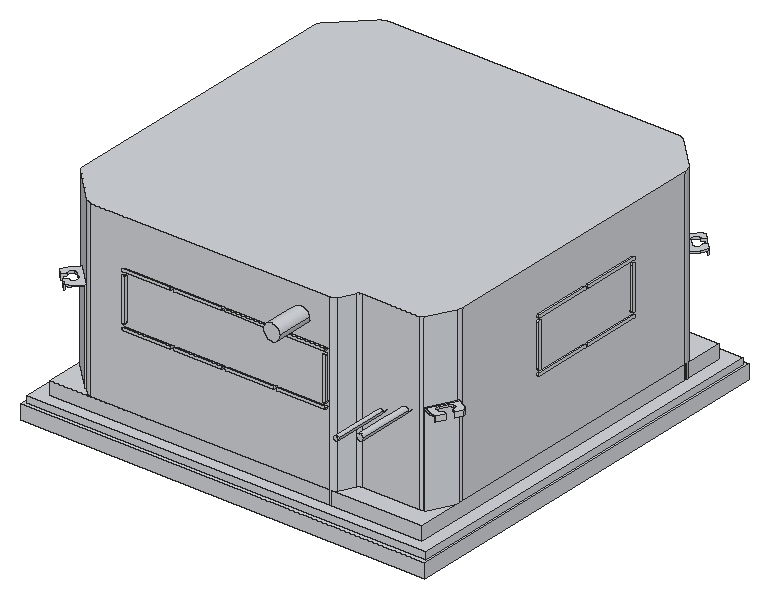
Revit family "GMV-ND（15-56）TE-T", category 机械设备, Revit 2014
Parameters (values of type "GMV-ND15T/E-T")
  Width [instance] = 570.00 mm
  Sound pressure level(H/M/L) dB(A) [instance] = "33/30/25"
  Power supply [instance] = "220-240V 1 phase ~50Hz/208-230V 1 phase ~60Hz"
  Net weight(kg) [instance] = "17.5"
  Minimum line current [instance] = 0.2 A
  Maximum fuse current [instance] = 6 A
  Liquid Pipe [instance] = 6.35 mm
  Length [instance] = 570.00 mm
  Height [instance] = 265.00 mm
  Heating power input [instance] = 30 W
  Heating current input [instance] = 0.15 A
  Heating capacity(kW) [instance] = "1.8"
  Gas Pipe [instance] = 9.52 mm
  External Static Pressure(Pa) [instance] = "0"
  Drain Pipe [instance] = 25.00 mm
  Cooling power input [instance] = 30 W
  Cooling current input [instance] = 0.15 A
  Cooling capacity(kW) [instance] = "1.5"
  Air Volume(H/M/L) m³/h [instance] = "460/420/370"
Types (9, lengths in mm): name | Sound pressure level(H/M/L) dB(A) | Minimum line current | Liquid Pipe | Heating power input | Heating current input | Heating capacity(kW) | Gas Pipe | Cooling power input | Cooling current input | Cooling capacity(kW) | Air Volume(H/M/L) m³/h
  (no name) | "33/30/25" | 0.2 A | 6.35 | 30 W | 0.15 A | "1.8" | 9.52 | 30 W | 0.15 A | "1.5" | "460/420/370"
  GMV-ND15T/E-T | "33/30/25" | 0.2 A | 6.35 | 30 W | 0.15 A | "1.8" | 9.52 | 30 W | 0.15 A | "1.5" | "460/420/370"
  GMV-ND18T/E-T | "33/30/25" | 0.2 A | 6.35 | 30 W | 0.15 A | "2.2" | 9.52 | 30 W | 0.15 A | "1.8" | "460/420/370"
  GMV-ND22T/E-T | "36/31/25" | 0.2 A | 6.35 | 30 W | 0.15 A | "2.5" | 9.52 | 30 W | 0.15 A | "2.2" | "500/460/370"
  GMV-ND28T/E-T | "36/33/28" | 0.2 A | 6.35 | 30 W | 0.15 A | "3.2" | 9.52 | 30 W | 0.15 A | "2.8" | "570/480/420"
  GMV-ND36T/E-T | "39/37/35" | 0.2 A | 6.35 | 30 W | 0.15 A | "4.0" | 12.70 | 30 W | 0.15 A | "3.6" | "620/550/480"
  GMV-ND45T/E-T | "43/41/39" | 0.3 A | 6.35 | 45 W | 0.23 A | "5.0" | 12.70 | 45 W | 0.23 A | "4.5" | "730/650/560"
  GMV-ND50T/E-T | "43/41/39" | 0.3 A | 6.35 | 45 W | 0.23 A | "5.6" | 12.70 | 45 W | 0.23 A | "5.0" | "730/650/560"
  GMV-ND56T/E-T | "43/41/39" | 0.3 A | 9.52 | 45 W | 0.23 A | "6.3" | 15.90 | 45 W | 0.23 A | "5.6" | "730/650/560"
Reference planes
  plane 1 "中心(前/后)": y = 0
  plane 2: z = 0
  plane 3 "中心(左/右)": x = 0
  plane 4: x = 410.185
  plane 5: z = 255.725
  plane 6: x = 508.163
  plane 7: z = 144.366
  plane 8: z = 159.034
  plane 9: x = 545.235
  plane 10: z = 171.3
  plane 11: y = 72.74
  plane 12: y = 547.678
  plane 13: y = 138.298
  plane 14: y = 143.248
  plane 15: y = 151.389
  plane 16: x = 71.961
  plane 17: x = 547.103
Forms (mm)
  Extrusion 1, solid
    sketch origin (0, 0, 0) x (1, 0, 0) y (0, 1, 0)
      loop
        line (0, 620) -> (0, 0) -> (620, 0) -> (620, 620) -> (0, 620)
    from 0 to -22.126
  Extrusion 2, solid
    sketch origin (0, 0, 0) x (1, 0, 0) y (0, 1, 0)
      loop
        line (25, 595) -> (25, 25) -> (595, 25) -> (595, 595) -> (25, 595)
    from 0 to 30
  Extrusion 3, solid
    sketch origin (0, 0, 0) x (1, 0, 0) y (0, 1, 0)
      loop
        line (88.783, 25) -> (454.667, 25)
        arc (454.667, 25) -> (459.231, 26.309) -> (462.408, 29.837) r 8.613
        line (462.408, 29.837) -> (472.898, 51.347)
        arc (472.898, 51.347) -> (475.698, 54.456) -> (479.72, 55.609) r 7.59
        line (479.72, 55.609) -> (568.047, 55.609)
        arc (568.047, 55.609) -> (570.623, 56.324) -> (572.462, 58.262) r 5
        line (572.462, 58.262) -> (593.176, 97.219)
        arc (593.176, 97.219) -> (594.537, 100.765) -> (595, 104.536) r 15.585
        line (595, 104.536) -> (595, 530.002)
        arc (595, 530.002) -> (593.478, 537.656) -> (589.142, 544.145) r 20
        line (589.142, 544.145) -> (542.68, 590.607)
        arc (542.68, 590.607) -> (537.814, 593.858) -> (532.073, 595) r 15
        line (532.073, 595) -> (90.368, 595)
        arc (90.368, 595) -> (82.714, 593.478) -> (76.226, 589.142) r 20
        line (76.226, 589.142) -> (27.929, 540.845)
        arc (27.929, 540.845) -> (25.761, 537.601) -> (25, 533.774) r 10
        line (25, 533.774) -> (25, 88.858)
        arc (25, 88.858) -> (26.021, 83.725) -> (28.928, 79.374) r 13.412
        line (28.928, 79.374) -> (79.427, 28.875)
        arc (79.427, 28.875) -> (83.72, 26.007) -> (88.783, 25) r 13.231
    from 0 to 295
  Extrusion 4, solid
    sketch origin (0, 0, 0) x (0, 1, 0) y (0, 0, 1)
      loop
        line (6.42, 9.925) -> (6.42, 0) -> (614.42, 0) -> (614.42, 9.925) -> (6.42, 9.925)
    from 4.421 to 616.167
  Extrusion 5, solid
    sketch origin (0, 0, 0) x (1, 0, 0) y (0, 0, 1)
      loop
        circle (410.185, 255.725) r 12.5
    from -181.125 to 30
  Extrusion 6, solid
    sketch origin (0, 0, 0) x (1, 0, 0) y (0, 0, 1)
      loop
        circle (508.163, 144.366) r 3.175
    from -101.834 to 30
  Extrusion 7, solid
    sketch origin (0, 0, 0) x (1, 0, 0) y (0, 0, 1)
      loop
        circle (545.235, 159.034) r 4.76
    from -87.195 to 30
  Extrusion 8, solid
    sketch origin (0, 0, 0) x (0, 1, 0) y (0, 0, 1)
      loop
        arc (246.627, 225) -> (244.614, 222.987) -> (246.627, 220.975) r 2.013
        line (246.627, 220.975) -> (332.627, 220.975)
        arc (332.627, 220.975) -> (334.64, 222.987) -> (332.627, 225) r 2.013
        line (332.627, 225) -> (246.627, 225)
      loop
        arc (340.627, 224.975) -> (338.627, 222.975) -> (340.627, 220.975) r 2
        line (340.627, 220.975) -> (426.627, 220.975)
        arc (426.627, 220.975) -> (428.627, 222.975) -> (426.627, 224.975) r 2
        line (426.627, 224.975) -> (340.627, 224.975)
      loop
        arc (246.627, 144.975) -> (244.627, 142.975) -> (246.627, 140.975) r 2
        line (246.627, 140.975) -> (332.627, 140.975)
        arc (332.627, 140.975) -> (334.627, 142.975) -> (332.627, 144.975) r 2
        line (332.627, 144.975) -> (246.627, 144.975)
      loop
        arc (340.627, 144.975) -> (338.627, 142.975) -> (340.627, 140.975) r 2
        line (340.627, 140.975) -> (426.627, 140.975)
        arc (426.627, 140.975) -> (428.627, 142.975) -> (426.627, 144.975) r 2
        line (426.627, 144.975) -> (340.627, 144.975)
      loop
        line (244.627, 214.975) -> (244.627, 150.975)
        arc (244.627, 150.975) -> (246.627, 148.975) -> (248.627, 150.975) r 2
        line (248.627, 150.975) -> (248.627, 214.975)
        arc (248.627, 214.975) -> (246.627, 216.975) -> (244.627, 214.975) r 2
      loop
        line (424.627, 214.975) -> (424.627, 150.975)
        arc (424.627, 150.975) -> (426.627, 148.975) -> (428.627, 150.975) r 2
        line (428.627, 150.975) -> (428.627, 214.975)
        arc (428.627, 214.975) -> (426.627, 216.975) -> (424.627, 214.975) r 2
    from 21.185 to 599.525
  Extrusion 9, solid
    sketch origin (-15, 0, 0) x (1, 0, 0) y (0, 0, 1)
      loop
        arc (155.586, 225.05) -> (153.586, 223.05) -> (155.586, 221.05) r 2
        line (155.586, 221.05) -> (226.586, 221.05)
        arc (226.586, 221.05) -> (228.586, 223.05) -> (226.586, 225.05) r 2
        line (226.586, 225.05) -> (155.586, 225.05)
      loop
        arc (234.586, 225.05) -> (232.586, 223.05) -> (234.586, 221.05) r 2
        line (234.586, 221.05) -> (305.586, 221.05)
        arc (305.586, 221.05) -> (307.586, 223.05) -> (305.586, 225.05) r 2
        line (305.586, 225.05) -> (234.586, 225.05)
      loop
        arc (313.648, 225.05) -> (311.648, 223.05) -> (313.648, 221.05) r 2
        line (313.648, 221.05) -> (384.648, 221.05)
        arc (384.648, 221.05) -> (386.648, 223.05) -> (384.648, 225.05) r 2
        line (384.648, 225.05) -> (313.648, 225.05)
      loop
        arc (392.411, 225.05) -> (390.411, 223.05) -> (392.411, 221.05) r 2
        line (392.411, 221.05) -> (463.411, 221.05)
        arc (463.411, 221.05) -> (465.411, 223.05) -> (463.411, 225.05) r 2
        line (463.411, 225.05) -> (392.411, 225.05)
      loop
        arc (155.586, 144.675) -> (153.586, 142.675) -> (155.586, 140.675) r 2
        line (155.586, 140.675) -> (226.586, 140.675)
        arc (226.586, 140.675) -> (228.586, 142.675) -> (226.586, 144.675) r 2
        line (226.586, 144.675) -> (155.586, 144.675)
      loop
        arc (234.586, 144.675) -> (232.586, 142.675) -> (234.586, 140.675) r 2
        line (234.586, 140.675) -> (305.586, 140.675)
        arc (305.586, 140.675) -> (307.586, 142.675) -> (305.586, 144.675) r 2
        line (305.586, 144.675) -> (234.586, 144.675)
      loop
        arc (313.648, 144.675) -> (311.648, 142.675) -> (313.648, 140.675) r 2
        line (313.648, 140.675) -> (384.648, 140.675)
        arc (384.648, 140.675) -> (386.648, 142.675) -> (384.648, 144.675) r 2
        line (384.648, 144.675) -> (313.648, 144.675)
      loop
        arc (392.411, 144.675) -> (390.411, 142.675) -> (392.411, 140.675) r 2
        line (392.411, 140.675) -> (463.411, 140.675)
        arc (463.411, 140.675) -> (465.411, 142.675) -> (463.411, 144.675) r 2
        line (463.411, 144.675) -> (392.411, 144.675)
      loop
        line (461.586, 215.05) -> (461.586, 151.05)
        arc (461.586, 151.05) -> (463.586, 149.05) -> (465.586, 151.05) r 2
        line (465.586, 151.05) -> (465.586, 215.05)
        arc (465.586, 215.05) -> (463.586, 217.05) -> (461.586, 215.05) r 2
      loop
        line (153.586, 215.05) -> (153.586, 151.05)
        arc (153.586, 151.05) -> (155.586, 149.05) -> (157.586, 151.05) r 2
        line (157.586, 151.05) -> (157.586, 215.05)
        arc (157.586, 215.05) -> (155.586, 217.05) -> (153.586, 215.05) r 2
    from -21.798 to -599.189
  Extrusion 10, solid
    sketch origin (0, 0, 0) x (1, 0, 0) y (0, 1, 0)
      loop
        line (551.539, 584.505) -> (550.161, 583.126) -> (581.98, 551.306) -> (583.359, 552.685) -> (551.539, 584.505)
      loop
        line (68.117, 583.791) -> (36.297, 551.971) -> (37.676, 550.592) -> (69.495, 582.412) -> (68.117, 583.791)
      loop
        line (37.981, 70.321) -> (36.602, 68.942) -> (68.422, 37.122) -> (69.801, 38.501) -> (37.981, 70.321)
      loop
        line (574.559, 56.661) -> (595, 96.779) -> (593.38, 97.604) -> (572.219, 57.853) -> (574.559, 56.661)
    from 9.925 to 171.3
  Extrusion 11, solid
    sketch origin (0, 0, 0) x (1, 0, 0) y (0, 1, 0)
      loop
        line (551.539, 584.505) -> (583.359, 552.685) -> (592.886, 562.211)
        spline (592.886, 562.211) -> (593.427, 563.006) -> (593.933, 563.79) -> (594.401, 564.563) -> (594.833, 565.326) -> (595.228, 566.078) -> (595.587, 566.819) -> (595.908, 567.549) -> (596.194, 568.268) -> (596.442, 568.977) -> (596.654, 569.675) -> (596.829, 570.362) -> (596.967, 571.039)
        line (596.967, 571.039) -> (587.673, 580.333) -> (584.137, 576.797)
        arc (584.137, 576.797) -> (584.137, 567.959) -> (575.298, 567.959) r 6.25
        line (575.298, 567.959) -> (566.813, 576.444)
        arc (566.813, 576.444) -> (566.813, 585.283) -> (575.652, 585.283) r 6.25
        line (575.652, 585.283) -> (579.187, 588.818) -> (569.801, 598.205)
        spline (569.801, 598.205) -> (569.259, 598.097) -> (568.699, 597.96) -> (568.12, 597.794) -> (567.521, 597.599) -> (566.902, 597.375) -> (566.265, 597.123) -> (565.608, 596.841) -> (564.932, 596.531) -> (564.237, 596.191) -> (563.522, 595.823) -> (562.788, 595.426) -> (562.035, 595)
        line (562.035, 595) -> (551.539, 584.505)
      loop
        line (68.117, 583.791) -> (57.621, 594.286)
        spline (57.621, 594.286) -> (56.868, 594.712) -> (56.134, 595.109) -> (55.419, 595.477) -> (54.724, 595.817) -> (54.048, 596.127) -> (53.391, 596.409) -> (52.754, 596.661) -> (52.135, 596.885) -> (51.536, 597.08) -> (50.957, 597.246) -> (50.396, 597.383) -> (49.855, 597.491)
        line (49.855, 597.491) -> (40.469, 588.104) -> (44.004, 584.569)
        arc (44.004, 584.569) -> (52.843, 584.569) -> (52.843, 575.73) r 6.25
        line (52.843, 575.73) -> (44.358, 567.244)
        arc (44.358, 567.244) -> (35.519, 567.244) -> (35.519, 576.083) r 6.25
        line (35.519, 576.083) -> (31.983, 579.619) -> (22.689, 570.324)
        spline (22.689, 570.324) -> (22.827, 569.648) -> (23.002, 568.961) -> (23.214, 568.263) -> (23.462, 567.554) -> (23.748, 566.835) -> (24.069, 566.104) -> (24.428, 565.363) -> (24.823, 564.612) -> (25.255, 563.849) -> (25.723, 563.076) -> (26.228, 562.292) -> (26.77, 561.497)
        line (26.77, 561.497) -> (36.297, 551.971) -> (68.117, 583.791)
      loop
        line (68.422, 37.122) -> (36.602, 68.942) -> (27.076, 59.416)
        spline (27.076, 59.416) -> (26.534, 58.621) -> (26.029, 57.837) -> (25.56, 57.064) -> (25.129, 56.302) -> (24.733, 55.55) -> (24.375, 54.809) -> (24.053, 54.079) -> (23.768, 53.359) -> (23.52, 52.65) -> (23.308, 51.952) -> (23.133, 51.265) -> (22.995, 50.589)
        line (22.995, 50.589) -> (32.289, 41.294) -> (35.825, 44.83)
        arc (35.825, 44.83) -> (35.825, 53.669) -> (44.663, 53.669) r 6.25
        line (44.663, 53.669) -> (53.149, 45.183)
        arc (53.149, 45.183) -> (53.149, 36.345) -> (44.31, 36.345) r 6.25
        line (44.31, 36.345) -> (40.774, 32.809) -> (50.161, 23.422)
        spline (50.161, 23.422) -> (50.702, 23.53) -> (51.263, 23.667) -> (51.842, 23.833) -> (52.441, 24.028) -> (53.059, 24.252) -> (53.697, 24.505) -> (54.354, 24.786) -> (55.03, 25.097) -> (55.725, 25.436) -> (56.44, 25.804) -> (57.174, 26.201) -> (57.927, 26.627)
        line (57.927, 26.627) -> (68.422, 37.122)
      loop
        line (595, 96.779) -> (574.908, 56.513) -> (586.963, 50.498)
        spline (586.963, 50.498) -> (587.889, 50.236) -> (588.792, 50.005) -> (589.674, 49.806) -> (590.534, 49.638) -> (591.373, 49.502) -> (592.189, 49.397) -> (592.983, 49.323) -> (593.756, 49.281) -> (594.507, 49.27) -> (595.236, 49.29) -> (595.943, 49.342) -> (596.629, 49.425)
        line (596.629, 49.425) -> (602.498, 61.187) -> (598.024, 63.419)
        arc (598.024, 63.419) -> (589.641, 60.617) -> (586.839, 69) r 6.25
        line (586.839, 69) -> (592.196, 79.738)
        arc (592.196, 79.738) -> (600.579, 82.539) -> (603.381, 74.156) r 6.25
        line (603.381, 74.156) -> (607.855, 71.924) -> (613.782, 83.802)
        spline (613.782, 83.802) -> (613.508, 84.281) -> (613.201, 84.769) -> (612.86, 85.266) -> (612.485, 85.773) -> (612.077, 86.288) -> (611.635, 86.813) -> (611.16, 87.346) -> (610.651, 87.889) -> (610.109, 88.441) -> (609.533, 89.002) -> (608.924, 89.572) -> (608.281, 90.152)
        line (608.281, 90.152) -> (595, 96.779)
    from 169.354 to 171.3
  Extrusion 12, solid
    sketch origin (0, 0, 0) x (1, 0, 0) y (0, 1, 0)
      loop
        line (569.801, 598.205) -> (579.187, 588.818) -> (580.566, 590.197) -> (571.681, 599.082) -> (569.801, 598.205)
      loop
        line (587.673, 580.333) -> (596.967, 571.039) -> (597.965, 572.798) -> (589.051, 581.712) -> (587.673, 580.333)
      loop
        line (48.003, 598.397) -> (39.09, 589.483) -> (40.469, 588.104) -> (49.855, 597.491) -> (48.003, 598.397)
      loop
        line (30.604, 580.998) -> (21.691, 572.084) -> (22.689, 570.324) -> (31.983, 579.619) -> (30.604, 580.998)
      loop
        line (22.995, 50.589) -> (21.985, 48.84) -> (30.91, 39.916) -> (32.289, 41.294) -> (22.995, 50.589)
      loop
        line (40.774, 32.809) -> (39.396, 31.43) -> (48.309, 22.517) -> (50.161, 23.422) -> (40.774, 32.809)
      loop
        line (613.782, 83.802) -> (607.855, 71.924) -> (609.15, 71.278) -> (614.65, 82.3) -> (613.782, 83.802)
      loop
        line (602.498, 61.187) -> (596.463, 49.093) -> (597.956, 49.093) -> (603.693, 60.59) -> (602.498, 61.187)
    from 163.3 to 171.3
  Extrusion 13, solid
    sketch origin (0, 0, 0) x (1, 0, 0) y (0, 1, 0)
      loop
        line (71.961, 547.678) -> (71.961, 72.74) -> (547.103, 72.74) -> (547.103, 547.678) -> (71.961, 547.678)
    from -28.372 to 0
  Extrusion 14, solid
    sketch origin (0, 0, 0) x (1, 0, 0) y (0, 1, 0)
      loop
        line (140, 143.248) -> (140, 138.298) -> (477.939, 138.298) -> (477.939, 143.248) -> (140, 143.248)
    from -34 to 0
  Extrusion 15, solid
    sketch origin (0, 13.091, 0) x (1, 0, 0) y (0, 1, 0)
      loop
        line (140, 143.248) -> (140, 138.298) -> (477.939, 138.298) -> (477.939, 143.248) -> (140, 143.248)
    from -34 to 0
  Extrusion 16, solid
    sketch origin (0, 26.183, 0) x (1, 0, 0) y (0, 1, 0)
      loop
        line (140, 143.248) -> (140, 138.298) -> (477.939, 138.298) -> (477.939, 143.248) -> (140, 143.248)
    from -34 to 0
  Extrusion 17, solid
    sketch origin (0, 39.274, 0) x (1, 0, 0) y (0, 1, 0)
      loop
        line (140, 143.248) -> (140, 138.298) -> (477.939, 138.298) -> (477.939, 143.248) -> (140, 143.248)
    from -34 to 0
  Extrusion 18, solid
    sketch origin (0, 52.366, 0) x (1, 0, 0) y (0, 1, 0)
      loop
        line (140, 143.248) -> (140, 138.298) -> (477.939, 138.298) -> (477.939, 143.248) -> (140, 143.248)
    from -34 to 0
  Extrusion 19, solid
    sketch origin (0, 65.457, 0) x (1, 0, 0) y (0, 1, 0)
      loop
        line (140, 143.248) -> (140, 138.298) -> (477.939, 138.298) -> (477.939, 143.248) -> (140, 143.248)
    from -34 to 0
  Extrusion 20, solid
    sketch origin (0, 78.549, 0) x (1, 0, 0) y (0, 1, 0)
      loop
        line (140, 143.248) -> (140, 138.298) -> (477.939, 138.298) -> (477.939, 143.248) -> (140, 143.248)
    from -34 to 0
  Extrusion 21, solid
    sketch origin (0, 91.64, 0) x (1, 0, 0) y (0, 1, 0)
      loop
        line (140, 143.248) -> (140, 138.298) -> (477.939, 138.298) -> (477.939, 143.248) -> (140, 143.248)
    from -34 to 0
  Extrusion 22, solid
    sketch origin (0, 104.732, 0) x (1, 0, 0) y (0, 1, 0)
      loop
        line (140, 143.248) -> (140, 138.298) -> (477.939, 138.298) -> (477.939, 143.248) -> (140, 143.248)
    from -34 to 0
  Extrusion 23, solid
    sketch origin (0, 117.823, 0) x (1, 0, 0) y (0, 1, 0)
      loop
        line (140, 143.248) -> (140, 138.298) -> (477.939, 138.298) -> (477.939, 143.248) -> (140, 143.248)
    from -34 to 0
  Extrusion 24, solid
    sketch origin (0, 130.915, 0) x (1, 0, 0) y (0, 1, 0)
      loop
        line (140, 143.248) -> (140, 138.298) -> (477.939, 138.298) -> (477.939, 143.248) -> (140, 143.248)
    from -34 to 0
  Extrusion 25, solid
    sketch origin (0, 144.006, 0) x (1, 0, 0) y (0, 1, 0)
      loop
        line (140, 143.248) -> (140, 138.298) -> (477.939, 138.298) -> (477.939, 143.248) -> (140, 143.248)
    from -34 to 0
  Extrusion 26, solid
    sketch origin (0, 157.098, 0) x (1, 0, 0) y (0, 1, 0)
      loop
        line (140, 143.248) -> (140, 138.298) -> (477.939, 138.298) -> (477.939, 143.248) -> (140, 143.248)
    from -34 to 0
  Extrusion 27, solid
    sketch origin (0, 170.189, 0) x (1, 0, 0) y (0, 1, 0)
      loop
        line (140, 143.248) -> (140, 138.298) -> (477.939, 138.298) -> (477.939, 143.248) -> (140, 143.248)
    from -34 to 0
  Extrusion 28, solid
    sketch origin (0, 183.281, 0) x (1, 0, 0) y (0, 1, 0)
      loop
        line (140, 143.248) -> (140, 138.298) -> (477.939, 138.298) -> (477.939, 143.248) -> (140, 143.248)
    from -34 to 0
  Extrusion 29, solid
    sketch origin (0, 196.372, 0) x (1, 0, 0) y (0, 1, 0)
      loop
        line (140, 143.248) -> (140, 138.298) -> (477.939, 138.298) -> (477.939, 143.248) -> (140, 143.248)
    from -34 to 0
  Extrusion 30, solid
    sketch origin (0, 209.464, 0) x (1, 0, 0) y (0, 1, 0)
      loop
        line (140, 143.248) -> (140, 138.298) -> (477.939, 138.298) -> (477.939, 143.248) -> (140, 143.248)
    from -34 to 0
  Extrusion 31, solid
    sketch origin (0, 222.555, 0) x (1, 0, 0) y (0, 1, 0)
      loop
        line (140, 143.248) -> (140, 138.298) -> (477.939, 138.298) -> (477.939, 143.248) -> (140, 143.248)
    from -34 to 0
  Extrusion 32, solid
    sketch origin (0, 235.647, 0) x (1, 0, 0) y (0, 1, 0)
      loop
        line (140, 143.248) -> (140, 138.298) -> (477.939, 138.298) -> (477.939, 143.248) -> (140, 143.248)
    from -34 to 0
  Extrusion 33, solid
    sketch origin (0, 248.738, 0) x (1, 0, 0) y (0, 1, 0)
      loop
        line (140, 143.248) -> (140, 138.298) -> (477.939, 138.298) -> (477.939, 143.248) -> (140, 143.248)
    from -34 to 0
  Extrusion 34, solid
    sketch origin (0, 261.83, 0) x (1, 0, 0) y (0, 1, 0)
      loop
        line (140, 143.248) -> (140, 138.298) -> (477.939, 138.298) -> (477.939, 143.248) -> (140, 143.248)
    from -34 to 0
  Extrusion 35, solid
    sketch origin (0, 274.921, 0) x (1, 0, 0) y (0, 1, 0)
      loop
        line (140, 143.248) -> (140, 138.298) -> (477.939, 138.298) -> (477.939, 143.248) -> (140, 143.248)
    from -34 to 0
  Extrusion 36, solid
    sketch origin (0, 288.013, 0) x (1, 0, 0) y (0, 1, 0)
      loop
        line (140, 143.248) -> (140, 138.298) -> (477.939, 138.298) -> (477.939, 143.248) -> (140, 143.248)
    from -34 to 0
  Extrusion 37, solid
    sketch origin (0, 301.104, 0) x (1, 0, 0) y (0, 1, 0)
      loop
        line (140, 143.248) -> (140, 138.298) -> (477.939, 138.298) -> (477.939, 143.248) -> (140, 143.248)
    from -34 to 0
  Extrusion 38, solid
    sketch origin (0, 314.196, 0) x (1, 0, 0) y (0, 1, 0)
      loop
        line (140, 143.248) -> (140, 138.298) -> (477.939, 138.298) -> (477.939, 143.248) -> (140, 143.248)
    from -34 to 0
  Extrusion 39, solid
    sketch origin (0, 327.287, 0) x (1, 0, 0) y (0, 1, 0)
      loop
        line (140, 143.248) -> (140, 138.298) -> (477.939, 138.298) -> (477.939, 143.248) -> (140, 143.248)
    from -34 to 0
  Extrusion 40, solid
    sketch origin (0, 340.379, 0) x (1, 0, 0) y (0, 1, 0)
      loop
        line (140, 143.248) -> (140, 138.298) -> (477.939, 138.298) -> (477.939, 143.248) -> (140, 143.248)
    from -34 to 0
  Extrusion 41, solid
    sketch origin (0, 0, 0) x (1, 0, 0) y (0, 1, 0)
      loop
        line (152.119, 491.775) -> (152.119, 128.844) -> (157.119, 128.844) -> (157.119, 491.775) -> (152.119, 491.775)
    from -34.002 to 0
  Extrusion 42, solid
    sketch origin (77.5, 0, 0) x (1, 0, 0) y (0, 1, 0)
      loop
        line (152.119, 491.775) -> (152.119, 128.844) -> (157.119, 128.844) -> (157.119, 491.775) -> (152.119, 491.775)
    from -34.002 to 0
  Extrusion 43, solid
    sketch origin (155, 0, 0) x (1, 0, 0) y (0, 1, 0)
      loop
        line (152.119, 491.775) -> (152.119, 128.844) -> (157.119, 128.844) -> (157.119, 491.775) -> (152.119, 491.775)
    from -34.002 to 0
  Extrusion 44, solid
    sketch origin (232.5, 0, 0) x (1, 0, 0) y (0, 1, 0)
      loop
        line (152.119, 491.775) -> (152.119, 128.844) -> (157.119, 128.844) -> (157.119, 491.775) -> (152.119, 491.775)
    from -34.002 to 0
  Extrusion 45, solid
    sketch origin (310, 0, 0) x (1, 0, 0) y (0, 1, 0)
      loop
        line (152.119, 491.775) -> (152.119, 128.844) -> (157.119, 128.844) -> (157.119, 491.775) -> (152.119, 491.775)
    from -34.002 to 0
  Extrusion 46, void
    sketch origin (0, 0, 0) x (1, 0, 0) y (0, 1, 0)
      loop
        arc (91.961, 122.74) -> (100.747, 101.527) -> (121.961, 92.74) r 30
        line (121.961, 92.74) -> (156.961, 92.74) -> (156.961, 112.74) -> (121.961, 112.74)
        arc (121.961, 112.74) -> (114.89, 115.669) -> (111.961, 122.74) r 10
        line (111.961, 122.74) -> (111.961, 151.389) -> (91.961, 151.389) -> (91.961, 122.74)
      loop
        arc (121.961, 527.678) -> (100.747, 518.891) -> (91.961, 497.678) r 30
        line (91.961, 497.678) -> (91.961, 470.535) -> (111.961, 470.535) -> (111.961, 497.678)
        arc (111.961, 497.678) -> (114.89, 504.749) -> (121.961, 507.678) r 10
        line (121.961, 507.678) -> (156.961, 507.678) -> (156.961, 527.678) -> (121.961, 527.678)
      loop
        arc (527.103, 497.678) -> (518.316, 518.891) -> (497.103, 527.678) r 30
        line (497.103, 527.678) -> (462.103, 527.678) -> (462.103, 507.678) -> (497.103, 507.678)
        arc (497.103, 507.678) -> (504.174, 504.749) -> (507.103, 497.678) r 10
        line (507.103, 497.678) -> (507.103, 470.535) -> (527.103, 470.535) -> (527.103, 497.678)
      loop
        arc (497.103, 92.74) -> (518.316, 101.527) -> (527.103, 122.74) r 30
        line (527.103, 122.74) -> (527.103, 151.389) -> (507.103, 151.389) -> (507.103, 122.74)
        arc (507.103, 122.74) -> (504.174, 115.669) -> (497.103, 112.74) r 10
        line (497.103, 112.74) -> (462.103, 112.74) -> (462.103, 92.74) -> (497.103, 92.74)
      loop
        line (176.961, 527.678) -> (176.961, 507.678) -> (442.103, 507.678) -> (442.103, 527.678) -> (176.961, 527.678)
      loop
        line (507.103, 450.535) -> (507.103, 171.389) -> (527.103, 171.389) -> (527.103, 450.535) -> (507.103, 450.535)
      loop
        line (91.961, 450.535) -> (91.961, 171.389) -> (111.961, 171.389) -> (111.961, 450.535) -> (91.961, 450.535)
      loop
        line (442.103, 112.74) -> (176.961, 112.74) -> (176.961, 92.74) -> (442.103, 92.74) -> (442.103, 112.74)
    from -28.372 to -12.111
Cuts and joins
  joined: Extrusion 10, Extrusion 11, Extrusion 12
  Extrusion 46 cuts Extrusion 1
  Extrusion 46 cuts Extrusion 2
  Extrusion 46 cuts Extrusion 3
  Extrusion 46 cuts Extrusion 4
  Extrusion 46 cuts Extrusion 13
Lines and regions (mm)
  reference lines
    curve 1: line (310, 0, 0) -> (310, 310, 0)
    curve 2: line (547.103, 102.74, 0) -> (71.961, 102.74, 0)
    curve 3: line (517.103, 547.678, 0) -> (517.103, 102.74, 0)
    curve 4: line (71.961, 517.678, 0) -> (517.103, 517.678, 0)
    curve 5: line (101.961, 102.74, 0) -> (101.961, 517.678, 0)
Dimensions and locks
  equal spacing: group 1, group 2, group 3, group 4, group 5, group 6, group 7, group 8, group 9, group 10, group 11, group 12, group 13, group 14, group 15, group 16, group 17, group 18, group 19, group 20, group 21, group 22, group 23, group 24, group 25, group 26, group 27  (x3)
  equal spacing: group 28, group 29, group 30, group 31, group 32  (x3)
  "Height": cut or joined group of Extrusion 3, Extrusion 46 to cut or joined group of Extrusion 2, Extrusion 46
  "Width": cut or joined group of Extrusion 2, Extrusion 46 to cut or joined group of Extrusion 2, Extrusion 46
  "Length": cut or joined group of Extrusion 3, Extrusion 46 to cut or joined group of Extrusion 3, Extrusion 46
  "Drain Pipe": diameter of Extrusion 5 sketch curve
  "Liquid Pipe": diameter of Extrusion 6 sketch curve
  "Gas Pipe": diameter of Extrusion 7 sketch curve
  aligned and locked: level to plane 2
Automatic sketch dimensions
  plane 1 "中心(前/后)" to Extrusion 1 sketch curve = 0.00 mm
  Extrusion 1 sketch curve to plane 3 "中心(左/右)" = 0.00 mm
  Extrusion 1 sketch curve to plane 4 = 209.815 mm
  Extrusion 1 sketch curve to plane 1 "中心(前/后)" = 620.00 mm
  plane 3 "中心(左/右)" to Extrusion 2 sketch curve = 25.00 mm
  Extrusion 2 sketch curve to plane 1 "中心(前/后)" = 25.00 mm
  Extrusion 2 sketch curve to plane 4 = 184.815 mm
  Extrusion 2 sketch curve to Extrusion 2 sketch curve = 570.00 mm
  plane 3 "中心(左/右)" to Extrusion 3 sketch curve = 25.00 mm
  Extrusion 3 sketch curve to Extrusion 3 sketch curve = 2.929 mm
  Extrusion 3 sketch curve to Extrusion 3 sketch curve = 3.928 mm
  Extrusion 3 sketch curve to Extrusion 3 sketch curve = 10.00 mm
  Extrusion 3 sketch curve to Extrusion 3 sketch curve = 9.484 mm
  Extrusion 3 sketch curve to Extrusion 3 sketch curve = 48.297 mm
  Extrusion 3 sketch curve to plane 1 "中心(前/后)" = 28.875 mm
  Extrusion 3 sketch curve to Extrusion 3 sketch curve = 50.499 mm  (x2)
  Extrusion 3 sketch curve to Extrusion 3 sketch curve = 9.356 mm
  Extrusion 3 sketch curve to Extrusion 3 sketch curve = 14.142 mm  (x3)
  Extrusion 3 sketch curve to plane 4 = 44.481 mm
  Extrusion 3 sketch curve to plane 1 "中心(前/后)" = 29.837 mm
  Extrusion 3 sketch curve to Extrusion 3 sketch curve = 7.741 mm
  Extrusion 3 sketch curve to Extrusion 3 sketch curve = 10.491 mm
  Extrusion 3 sketch curve to Extrusion 3 sketch curve = 6.822 mm
  Extrusion 3 sketch curve to plane 4 = 121.888 mm
  Extrusion 3 sketch curve to Extrusion 3 sketch curve = 10.607 mm
  Extrusion 3 sketch curve to Extrusion 3 sketch curve = 88.327 mm
  Extrusion 3 sketch curve to plane 1 "中心(前/后)" = 58.262 mm
  Extrusion 3 sketch curve to Extrusion 3 sketch curve = 4.415 mm
  Extrusion 3 sketch curve to Extrusion 3 sketch curve = 42.927 mm
  Extrusion 3 sketch curve to Extrusion 3 sketch curve = 11.367 mm
  Extrusion 3 sketch curve to plane 1 "中心(前/后)" = 97.219 mm
  Extrusion 3 sketch curve to Extrusion 3 sketch curve = 13.761 mm
  Extrusion 3 sketch curve to Extrusion 3 sketch curve = 1.824 mm
  Extrusion 3 sketch curve to Extrusion 3 sketch curve = 4.837 mm
  Extrusion 3 sketch curve to Extrusion 3 sketch curve = 18.182 mm
  Extrusion 3 sketch curve to Extrusion 3 sketch curve = 3.327 mm
  Extrusion 3 sketch curve to Extrusion 3 sketch curve = 425.467 mm
  Extrusion 3 sketch curve to Extrusion 3 sketch curve = 444.916 mm
  Extrusion 3 sketch curve to Extrusion 3 sketch curve = 41.226 mm
  Extrusion 3 sketch curve to Extrusion 3 sketch curve = 49.998 mm
  Extrusion 4 sketch curve to level = 0.00 mm
  Extrusion 4 sketch curve to plane 1 "中心(前/后)" = 6.42 mm
  Extrusion 4 sketch curve to Extrusion 4 sketch curve = 608.00 mm
  level to Extrusion 4 sketch curve = 9.925 mm
  Extrusion 8 sketch curve to plane 5 = 40.75 mm  (x2)
  Extrusion 8 sketch curve to plane 1 "中心(前/后)" = 244.627 mm
  Extrusion 8 sketch curve to Extrusion 8 sketch curve = 2.00 mm  (x6)
  Extrusion 8 sketch curve to Extrusion 8 sketch curve = 0.00 mm  (x4)
  plane 7 to Extrusion 8 sketch curve = 1.391 mm
  Extrusion 8 sketch curve to plane 5 = 32.737 mm
  Extrusion 8 sketch curve to Extrusion 8 sketch curve = 84.00 mm  (x2)
  Extrusion 8 sketch curve to Extrusion 8 sketch curve = 8.00 mm  (x2)
  Extrusion 8 sketch curve to plane 7 = 0.609 mm
  plane 7 to Extrusion 8 sketch curve = 3.391 mm
  Extrusion 8 sketch curve to Extrusion 8 sketch curve = 6.00 mm  (x2)
  Extrusion 8 sketch curve to Extrusion 8 sketch curve = 2.013 mm
  Extrusion 9 sketch curve to plane 5 = 40.674 mm  (x2)
  plane 3 "中心(左/右)" to Extrusion 9 sketch curve = 138.586 mm
  Extrusion 9 sketch curve to Extrusion 9 sketch curve = 2.00 mm  (x7)
  Extrusion 9 sketch curve to Extrusion 9 sketch curve = 0.00 mm  (x3)
  plane 7 to Extrusion 9 sketch curve = 1.69 mm  (x3)
  Extrusion 9 sketch curve to plane 5 = 30.674 mm
  Extrusion 9 sketch curve to Extrusion 9 sketch curve = 69.00 mm  (x2)
  Extrusion 9 sketch curve to Extrusion 9 sketch curve = 8.00 mm  (x2)
  Extrusion 9 sketch curve to plane 5 = 34.674 mm  (x2)
  Extrusion 9 sketch curve to Extrusion 9 sketch curve = 71.00 mm  (x2)
  Extrusion 9 sketch curve to Extrusion 9 sketch curve = 8.062 mm  (x2)
  plane 4 to Extrusion 9 sketch curve = 40.537 mm  (x2)
  Extrusion 9 sketch curve to plane 7 = 0.31 mm  (x2)
  Extrusion 9 sketch curve to Extrusion 9 sketch curve = 7.763 mm  (x2)
  Extrusion 9 sketch curve to plane 6 = 61.577 mm
  Extrusion 9 sketch curve to Extrusion 9 sketch curve = 1.825 mm  (x2)
  plane 7 to Extrusion 9 sketch curve = 3.69 mm
  Extrusion 9 sketch curve to Extrusion 9 sketch curve = 6.375 mm  (x2)
  Extrusion 9 sketch curve to Extrusion 9 sketch curve = 4.00 mm
  plane 3 "中心(左/右)" to Extrusion 10 sketch curve = 36.297 mm
  plane 3 "中心(左/右)" to Extrusion 10 sketch curve = 36.602 mm
  Extrusion 10 sketch curve to Extrusion 10 sketch curve = 1.379 mm  (x6)
  Extrusion 10 sketch curve to Extrusion 10 sketch curve = 31.82 mm  (x2)
  plane 9 to Extrusion 10 sketch curve = 4.925 mm
  plane 9 to Extrusion 10 sketch curve = 36.745 mm
  Extrusion 10 sketch curve to plane 1 "中心(前/后)" = 37.122 mm
  Extrusion 10 sketch curve to Extrusion 10 sketch curve = 480.271 mm
  Extrusion 10 sketch curve to Extrusion 10 sketch curve = 0.714 mm
  plane 9 to Extrusion 10 sketch curve = 26.984 mm
  plane 9 to Extrusion 10 sketch curve = 48.145 mm
  Extrusion 10 sketch curve to Extrusion 10 sketch curve = 1.62 mm
  Extrusion 10 sketch curve to plane 1 "中心(前/后)" = 56.661 mm
  Extrusion 10 sketch curve to Extrusion 10 sketch curve = 1.192 mm
  Extrusion 10 sketch curve to Extrusion 10 sketch curve = 0.825 mm
  plane 3 "中心(左/右)" to Extrusion 11 sketch curve = 22.689 mm
  plane 3 "中心(左/右)" to Extrusion 11 sketch curve = 22.995 mm
  Extrusion 11 sketch curve to Extrusion 11 sketch curve = 4.081 mm  (x3)
  Extrusion 11 sketch curve to Extrusion 11 sketch curve = 9.294 mm  (x2)
  Extrusion 11 sketch curve to Extrusion 11 sketch curve = 3.536 mm  (x9)
  Extrusion 11 sketch curve to Extrusion 11 sketch curve = 9.526 mm  (x5)
  Extrusion 11 sketch curve to Extrusion 11 sketch curve = 4.419 mm  (x18)
  Extrusion 11 sketch curve to Extrusion 11 sketch curve = 8.485 mm  (x6)
  Extrusion 11 sketch curve to plane 1 "中心(前/后)" = 36.345 mm
  Extrusion 11 sketch curve to Extrusion 11 sketch curve = 9.387 mm  (x2)
  Extrusion 11 sketch curve to plane 1 "中心(前/后)" = 23.422 mm
  Extrusion 11 sketch curve to Extrusion 11 sketch curve = 7.766 mm  (x3)
  Extrusion 11 sketch curve to plane 1 "中心(前/后)" = 26.627 mm
  Extrusion 11 sketch curve to Extrusion 11 sketch curve = 10.495 mm  (x3)
  Extrusion 11 sketch curve to plane 1 "中心(前/后)" = 37.122 mm
  plane 9 to Extrusion 11 sketch curve = 6.304 mm
  Extrusion 11 sketch curve to Extrusion 11 sketch curve = 15.274 mm  (x3)
  plane 9 to Extrusion 11 sketch curve = 29.673 mm
  Extrusion 11 sketch curve to Extrusion 11 sketch curve = 8.061 mm
  Extrusion 11 sketch curve to Extrusion 11 sketch curve = 11.93 mm
  Extrusion 11 sketch curve to Extrusion 11 sketch curve = 12.055 mm
  Extrusion 11 sketch curve to Extrusion 11 sketch curve = 5.358 mm
  Extrusion 11 sketch curve to Extrusion 11 sketch curve = 5.592 mm  (x4)
  Extrusion 11 sketch curve to Extrusion 11 sketch curve = 2.804 mm
  Extrusion 11 sketch curve to Extrusion 11 sketch curve = 9.666 mm
  Extrusion 11 sketch curve to Extrusion 11 sketch curve = 4.474 mm  (x2)
  Extrusion 11 sketch curve to Extrusion 11 sketch curve = 13.281 mm
  Extrusion 11 sketch curve to Extrusion 11 sketch curve = 5.502 mm
  Extrusion 11 sketch curve to plane 1 "中心(前/后)" = 49.425 mm
  Extrusion 11 sketch curve to Extrusion 11 sketch curve = 1.073 mm
  Extrusion 11 sketch curve to Extrusion 11 sketch curve = 6.015 mm
  Extrusion 11 sketch curve to Extrusion 11 sketch curve = 11.761 mm
  Extrusion 11 sketch curve to Extrusion 11 sketch curve = 2.791 mm  (x2)
  Extrusion 11 sketch curve to Extrusion 11 sketch curve = 10.738 mm
  Extrusion 11 sketch curve to Extrusion 11 sketch curve = 2.232 mm
  Extrusion 11 sketch curve to Extrusion 11 sketch curve = 483.029 mm
  Extrusion 11 sketch curve to Extrusion 11 sketch curve = 455.906 mm
  Extrusion 11 sketch curve to Extrusion 11 sketch curve = 8.827 mm  (x2)
  plane 3 "中心(左/右)" to Extrusion 12 sketch curve = 21.691 mm
  plane 3 "中心(左/右)" to Extrusion 12 sketch curve = 21.985 mm
  Extrusion 12 sketch curve to Extrusion 12 sketch curve = 0.998 mm  (x2)
  Extrusion 12 sketch curve to Extrusion 12 sketch curve = 1.009 mm
  Extrusion 12 sketch curve to Extrusion 12 sketch curve = 8.914 mm  (x3)
  Extrusion 12 sketch curve to Extrusion 12 sketch curve = 8.925 mm
  Extrusion 12 sketch curve to Extrusion 12 sketch curve = 1.379 mm  (x9)
  Extrusion 12 sketch curve to Extrusion 12 sketch curve = 8.485 mm  (x6)
  Extrusion 12 sketch curve to plane 1 "中心(前/后)" = 32.809 mm
  Extrusion 12 sketch curve to plane 1 "中心(前/后)" = 22.517 mm
  Extrusion 12 sketch curve to Extrusion 12 sketch curve = 1.852 mm
  Extrusion 12 sketch curve to plane 1 "中心(前/后)" = 23.422 mm
  plane 9 to Extrusion 12 sketch curve = 24.565 mm
  Extrusion 12 sketch curve to Extrusion 12 sketch curve = 1.881 mm
  Extrusion 12 sketch curve to Extrusion 12 sketch curve = 7.506 mm
  Extrusion 12 sketch curve to Extrusion 12 sketch curve = 9.294 mm
  plane 9 to Extrusion 12 sketch curve = 52.721 mm
  Extrusion 12 sketch curve to Extrusion 12 sketch curve = 5.737 mm
  Extrusion 12 sketch curve to Extrusion 12 sketch curve = 4.162 mm
  Extrusion 12 sketch curve to Extrusion 12 sketch curve = 1.295 mm
  Extrusion 12 sketch curve to Extrusion 12 sketch curve = 5.927 mm
  Extrusion 12 sketch curve to Extrusion 12 sketch curve = 0.868 mm
  Extrusion 12 sketch curve to plane 1 "中心(前/后)" = 49.093 mm
  Extrusion 12 sketch curve to Extrusion 12 sketch curve = 10.688 mm
  Extrusion 12 sketch curve to Extrusion 12 sketch curve = 0.646 mm
  Extrusion 12 sketch curve to Extrusion 12 sketch curve = 519.736 mm
  Extrusion 12 sketch curve to Extrusion 12 sketch curve = 487.236 mm
  Extrusion 12 sketch curve to Extrusion 12 sketch curve = 1.76 mm  (x2)
  Extrusion 12 sketch curve to Extrusion 12 sketch curve = 1.493 mm
  Extrusion 12 sketch curve to Extrusion 12 sketch curve = 1.195 mm
  Extrusion 13 sketch curve to plane 11 = 0.00 mm
  Extrusion 13 sketch curve to plane 16 = 0.00 mm
  Extrusion 13 sketch curve to plane 17 = 0.00 mm
  Extrusion 13 sketch curve to plane 12 = 0.00 mm
  Extrusion 14 sketch curve to Extrusion 14 sketch curve = 337.939 mm
  Extrusion 14 sketch curve to Extrusion 14 sketch curve = 4.95 mm
  Extrusion 15 sketch curve to Extrusion 15 sketch curve = 337.939 mm
  Extrusion 15 sketch curve to Extrusion 15 sketch curve = 4.95 mm
  Extrusion 16 sketch curve to Extrusion 16 sketch curve = 337.939 mm
  Extrusion 16 sketch curve to Extrusion 16 sketch curve = 4.95 mm
  Extrusion 17 sketch curve to Extrusion 17 sketch curve = 337.939 mm
  Extrusion 17 sketch curve to Extrusion 17 sketch curve = 4.95 mm
  Extrusion 18 sketch curve to Extrusion 18 sketch curve = 337.939 mm
  Extrusion 18 sketch curve to Extrusion 18 sketch curve = 4.95 mm
  Extrusion 19 sketch curve to Extrusion 19 sketch curve = 337.939 mm
  Extrusion 19 sketch curve to Extrusion 19 sketch curve = 4.95 mm
  Extrusion 20 sketch curve to Extrusion 20 sketch curve = 337.939 mm
  Extrusion 20 sketch curve to Extrusion 20 sketch curve = 4.95 mm
  Extrusion 21 sketch curve to Extrusion 21 sketch curve = 337.939 mm
  Extrusion 21 sketch curve to Extrusion 21 sketch curve = 4.95 mm
  Extrusion 22 sketch curve to Extrusion 22 sketch curve = 337.939 mm
  Extrusion 22 sketch curve to Extrusion 22 sketch curve = 4.95 mm
  Extrusion 23 sketch curve to Extrusion 23 sketch curve = 337.939 mm
  Extrusion 23 sketch curve to Extrusion 23 sketch curve = 4.95 mm
  Extrusion 24 sketch curve to Extrusion 24 sketch curve = 337.939 mm
  Extrusion 24 sketch curve to Extrusion 24 sketch curve = 4.95 mm
  Extrusion 25 sketch curve to Extrusion 25 sketch curve = 337.939 mm
  Extrusion 25 sketch curve to Extrusion 25 sketch curve = 4.95 mm
  Extrusion 26 sketch curve to Extrusion 26 sketch curve = 337.939 mm
  Extrusion 26 sketch curve to Extrusion 26 sketch curve = 4.95 mm
  Extrusion 27 sketch curve to Extrusion 27 sketch curve = 337.939 mm
  Extrusion 27 sketch curve to Extrusion 27 sketch curve = 4.95 mm
  Extrusion 28 sketch curve to Extrusion 28 sketch curve = 337.939 mm
  Extrusion 28 sketch curve to Extrusion 28 sketch curve = 4.95 mm
  Extrusion 29 sketch curve to Extrusion 29 sketch curve = 337.939 mm
  Extrusion 29 sketch curve to Extrusion 29 sketch curve = 4.95 mm
  Extrusion 30 sketch curve to Extrusion 30 sketch curve = 337.939 mm
  Extrusion 30 sketch curve to Extrusion 30 sketch curve = 4.95 mm
  Extrusion 31 sketch curve to Extrusion 31 sketch curve = 337.939 mm
  Extrusion 31 sketch curve to Extrusion 31 sketch curve = 4.95 mm
  Extrusion 32 sketch curve to Extrusion 32 sketch curve = 337.939 mm
  Extrusion 32 sketch curve to Extrusion 32 sketch curve = 4.95 mm
  Extrusion 33 sketch curve to Extrusion 33 sketch curve = 337.939 mm
  Extrusion 33 sketch curve to Extrusion 33 sketch curve = 4.95 mm
  Extrusion 34 sketch curve to Extrusion 34 sketch curve = 337.939 mm
  Extrusion 34 sketch curve to Extrusion 34 sketch curve = 4.95 mm
  Extrusion 35 sketch curve to Extrusion 35 sketch curve = 337.939 mm
  Extrusion 35 sketch curve to Extrusion 35 sketch curve = 4.95 mm
  Extrusion 36 sketch curve to Extrusion 36 sketch curve = 337.939 mm
  Extrusion 36 sketch curve to Extrusion 36 sketch curve = 4.95 mm
  Extrusion 37 sketch curve to Extrusion 37 sketch curve = 337.939 mm
  Extrusion 37 sketch curve to Extrusion 37 sketch curve = 4.95 mm
  Extrusion 38 sketch curve to Extrusion 38 sketch curve = 337.939 mm
  Extrusion 38 sketch curve to Extrusion 38 sketch curve = 4.95 mm
  Extrusion 39 sketch curve to Extrusion 39 sketch curve = 337.939 mm
  Extrusion 39 sketch curve to Extrusion 39 sketch curve = 4.95 mm
  Extrusion 40 sketch curve to Extrusion 40 sketch curve = 337.939 mm
  Extrusion 40 sketch curve to Extrusion 40 sketch curve = 4.95 mm
  Extrusion 41 sketch curve to Extrusion 41 sketch curve = 5.00 mm
  Extrusion 41 sketch curve to Extrusion 41 sketch curve = 362.931 mm
  Extrusion 42 sketch curve to Extrusion 42 sketch curve = 5.00 mm
  Extrusion 42 sketch curve to Extrusion 42 sketch curve = 362.931 mm
  Extrusion 43 sketch curve to Extrusion 43 sketch curve = 5.00 mm
  Extrusion 43 sketch curve to Extrusion 43 sketch curve = 362.931 mm
  Extrusion 44 sketch curve to Extrusion 44 sketch curve = 5.00 mm
  Extrusion 44 sketch curve to Extrusion 44 sketch curve = 362.931 mm
  Extrusion 45 sketch curve to Extrusion 45 sketch curve = 5.00 mm
  Extrusion 45 sketch curve to Extrusion 45 sketch curve = 362.931 mm
  curve 5 to plane 12 = 30.00 mm
  curve 5 to plane 16 = 30.00 mm
  plane 1 "中心(前/后)" to curve 1 = 0.00 mm
  curve 3 to plane 12 = 0.00 mm
  plane 4 to curve 1 = 100.185 mm
  plane 6 to curve 3 = 8.94 mm
  plane 11 to curve 3 = 30.00 mm
  plane 15 to curve 1 = 158.611 mm
  curve 4 to plane 16 = 0.00 mm
  curve 2 to plane 16 = 0.00 mm
  curve 2 to plane 17 = 0.00 mm
  Extrusion 46 sketch curve to Extrusion 46 sketch curve = 0.00 mm  (x13)
  Extrusion 46 sketch curve to plane 15 = 0.00 mm  (x2)
  Extrusion 46 sketch curve to plane 16 = 20.00 mm  (x2)
  Extrusion 46 sketch curve to Extrusion 46 sketch curve = 10.00 mm  (x2)
  Extrusion 46 sketch curve to plane 6 = 11.06 mm  (x2)
  Extrusion 46 sketch curve to plane 6 = 1.06 mm  (x3)
  Extrusion 46 sketch curve to plane 13 = 15.558 mm  (x2)
  Extrusion 46 sketch curve to Extrusion 46 sketch curve = 35.00 mm  (x3)
  Extrusion 46 sketch curve to plane 12 = 20.00 mm  (x2)
  Extrusion 46 sketch curve to plane 6 = 46.06 mm
  Extrusion 46 sketch curve to plane 9 = 18.133 mm  (x3)
  Extrusion 46 sketch curve to Extrusion 46 sketch curve = 27.142 mm  (x2)
  Extrusion 46 sketch curve to Extrusion 46 sketch curve = 20.00 mm  (x8)
  plane 15 to Extrusion 46 sketch curve = 20.00 mm  (x2)
  Extrusion 46 sketch curve to plane 12 = 50.00 mm
  plane 4 to Extrusion 5 sketch curve = 0.00 mm
  Extrusion 5 sketch curve to plane 5 = 0.00 mm
  Extrusion 6 sketch curve to plane 6 = 0.00 mm
  Extrusion 6 sketch curve to plane 7 = 0.00 mm
  Extrusion 7 sketch curve to plane 8 = 0.00 mm
  Extrusion 7 sketch curve to plane 9 = 0.00 mm
Nested families
  nested 1: "5S logo-小" at (310, 37.74, -22.126), type "GMV 5S LOGO"
    with 材质2 材质2, 材质1 材质1, 商标底材质 商标底材质
Definition of nested family "5S logo-小"
  Parameters (values of type "GMV 5S LOGO")
    Default Elevation = 1219.20 mm
    高 = 124.00 mm
    长 = 343.00 mm
    材质2 [instance] = 材质2
    材质1 [instance] = 材质1
    商标底材质 [instance] = 商标底材质
  Reference planes
    plane 1 "中心(前/后)": y = 0
    plane 2: z = 0
    plane 3 "中心(左/右)": x = 0
    plane 4: z = 62
    plane 5: z = -62
    plane 6: x = -171.5
    plane 7: x = 171.5
  Forms (mm)
    Extrusion 1, solid, material "商标底材质" <- "商标底材质"
      sketch origin (0, 0, 0) x (0, -1, 0) y (-1, 0, 0)
        loop
          arc (19.056, 68.976) -> (17.347, 74.568) -> (12.802, 78.248) r 10
          line (12.802, 78.248) -> (-17.162, 90.354)
          arc (-17.162, 90.354) -> (-20.487, 90.004) -> (-22.056, 87.052) r 3.561
          line (-22.056, 87.052) -> (-22.056, -86.348)
          arc (-22.056, -86.348) -> (-20.85, -90.006) -> (-17.704, -92.229) r 6.15
          line (-17.704, -92.229) -> (14.445, -102.058)
          arc (14.445, -102.058) -> (17.61, -101.514) -> (19.056, -98.646) r 3.568
          line (19.056, -98.646) -> (19.056, 68.976)
      from 0 to 2
    Extrusion 2, solid, material "材质1" <- "材质1"
      sketch origin (0, 0, 0) x (0, -1, 0) y (-1, 0, 0)
        loop
          spline (3.398, 40.436) -> (7.998, 43.333) -> (11.629, 47.832) -> (13.929, 53.486) -> (14.668, 59.733) -> (13.775, 65.949) -> (11.336, 71.516) -> (7.596, 75.88) -> (2.926, 78.606) -> (-2.208, 79.423) -> (-7.295, 78.249) -> (-11.829, 75.202) -> (-15.358, 70.584)
          line (-15.358, 70.584) -> (3.398, 61.792) -> (3.398, 40.436)
        loop
          spline (-17.701, 64.059) -> (-18.102, 60.899) -> (-18.085, 57.702) -> (-17.65, 54.548) -> (-16.808, 51.52) -> (-15.581, 48.694) -> (-14, 46.142) -> (-12.106, 43.93) -> (-9.947, 42.114) -> (-7.578, 40.741) -> (-5.06, 39.845) -> (-2.457, 39.45) -> (0.164, 39.566)
          line (0.164, 39.566) -> (0.164, 61.971) -> (-0.562, 62.39)
          spline (-0.562, 62.39) -> (-1.242, 60.468) -> (-2.323, 59.43) -> (-3.654, 58.906) -> (-5.063, 58.824) -> (-6.366, 59.029) -> (-7.642, 59.404) -> (-8.991, 59.879) -> (-10.444, 60.463) -> (-11.998, 61.153) -> (-13.58, 61.895) -> (-15.255, 62.723) -> (-17.701, 64.059)
      from 2 to 3
    Extrusion 3, solid, material "材质1" <- "材质1"
      sketch origin (0, 0, 0) x (0, -1, 0) y (-1, 0, 0)
        loop
          spline (8.242, 14.653) -> (7.538, 18.605) -> (6.554, 20.989) -> (4.969, 23.477) -> (2.7, 25.885) -> (0.036, 27.735) -> (-2.441, 28.95) -> (-4.85, 29.689) -> (-7.631, 30.132) -> (-10.555, 30.044) -> (-12.923, 29.468) -> (-15.045, 27.693) -> (-17.246, 21.242)
          line (-17.246, 21.242) -> (-17.246, 7.987)
          arc (-17.246, 7.987) -> (-15.781, 3.611) -> (-11.979, 0.997) r 7.271
          line (-11.979, 0.997) -> (-2.392, -1.752) -> (-2.392, 11.904) -> (-5.631, 13.083) -> (-5.631, 6.791) -> (-12.875, 9.428)
          arc (-12.875, 9.428) -> (-13.648, 10.021) -> (-13.942, 10.951) r 1.621
          line (-13.942, 10.951) -> (-13.942, 17.704)
          spline (-13.942, 17.704) -> (-12.83, 19.968) -> (-11.658, 21.067) -> (-10.226, 21.55) -> (-8.493, 21.519) -> (-6.565, 21.128) -> (-4.578, 20.541) -> (-2.715, 19.901) -> (-1.173, 19.338) -> (0.109, 18.717) -> (1.519, 17.582) -> (3.271, 15.496) -> (4.751, 12.206)
          line (4.751, 12.206) -> (4.751, -3.717) -> (8.242, -4.988) -> (8.242, 14.653)
      from 2 to 3
    Extrusion 4, solid, material "材质1" <- "材质1"
      sketch origin (0, 0, 0) x (0, -1, 0) y (-1, 0, 0)
        loop
          line (-16.723, -1.511) -> (-16.723, -9.583) -> (5.176, -16.854) -> (5.176, -26.102)
          spline (5.176, -26.102) -> (4.461, -27.291) -> (3.512, -27.776) -> (2.505, -27.799) -> (1.613, -27.598) -> (0.898, -27.303) -> (0.316, -26.944) -> (-0.179, -26.549) -> (-0.619, -26.12) -> (-1.01, -25.613) -> (-1.353, -24.964) -> (-1.676, -23.958) -> (-2.031, -22.238)
          line (-2.031, -22.238) -> (-2.031, -16.188) -> (-14.13, -21.83)
          arc (-14.13, -21.83) -> (-15.839, -23.587) -> (-16.669, -25.892) r 5.797
          line (-16.669, -25.892) -> (-16.669, -32.22) -> (-5.039, -26.879)
          spline (-5.039, -26.879) -> (-4.105, -30.767) -> (-2.581, -32.846) -> (-1.282, -33.959) -> (-0.332, -34.633) -> (0.755, -35.107) -> (2.188, -35.474) -> (3.667, -35.598) -> (4.985, -35.401) -> (6.09, -34.885) -> (7.028, -33.925) -> (7.857, -32.2) -> (8.242, -28.8)
          line (8.242, -28.8) -> (8.242, -9.8) -> (-16.723, -1.511)
      from 2 to 3
    Extrusion 5, solid, material "材质1" <- "材质1"
      sketch origin (0, 0, 0) x (0, -1, 0) y (-1, 0, 0)
        loop
          line (5.191, -64.948) -> (8.108, -66.126) -> (8.108, -49.625)
          spline (8.108, -49.625) -> (6.965, -44.669) -> (5.671, -42.182) -> (4.222, -40.444) -> (2.182, -38.93) -> (-0.218, -37.705) -> (-2.819, -36.826) -> (-5.571, -36.295) -> (-8.309, -36.123) -> (-10.807, -36.342) -> (-12.988, -37.062) -> (-14.984, -38.535) -> (-16.892, -42.781)
          line (-16.892, -42.781) -> (-16.892, -58.458) -> (-13.752, -59.539) -> (-13.752, -48.309)
          spline (-13.752, -48.309) -> (-13.344, -47.008) -> (-12.958, -46.23) -> (-12.513, -45.679) -> (-11.974, -45.178) -> (-11.376, -44.75) -> (-10.76, -44.436) -> (-10.131, -44.239) -> (-9.457, -44.121) -> (-8.702, -44.042) -> (-7.809, -43.987) -> (-6.659, -44.036) -> (-5.119, -44.283)
          line (-5.119, -44.283) -> (-5.119, -60.676) -> (-2.249, -62.014) -> (-2.249, -45.009)
          spline (-2.249, -45.009) -> (-1.811, -45.011) -> (-0.931, -45.257) -> (-0.119, -45.562) -> (0.577, -45.888) -> (1.199, -46.222) -> (1.786, -46.573) -> (2.364, -47) -> (2.959, -47.566) -> (3.596, -48.332) -> (4.239, -49.328) -> (4.8, -50.552) -> (5.191, -52.004)
          line (5.191, -52.004) -> (5.191, -64.948)
        loop
          line (5.191, -93.831) -> (8.108, -95.01) -> (8.108, -78.509)
          spline (8.108, -78.509) -> (6.965, -73.552) -> (5.671, -71.065) -> (4.222, -69.327) -> (2.182, -67.814) -> (-0.218, -66.588) -> (-2.819, -65.709) -> (-5.571, -65.178) -> (-8.309, -65.007) -> (-10.807, -65.225) -> (-12.988, -65.945) -> (-14.984, -67.419) -> (-16.892, -71.664)
          line (-16.892, -71.664) -> (-16.892, -87.341) -> (-13.752, -88.422) -> (-13.752, -77.192)
          spline (-13.752, -77.192) -> (-13.344, -75.891) -> (-12.958, -75.113) -> (-12.513, -74.562) -> (-11.974, -74.061) -> (-11.376, -73.633) -> (-10.76, -73.319) -> (-10.131, -73.122) -> (-9.457, -73.005) -> (-8.702, -72.925) -> (-7.809, -72.871) -> (-6.659, -72.919) -> (-5.119, -73.166)
          line (-5.119, -73.166) -> (-5.119, -89.559) -> (-2.249, -90.897) -> (-2.249, -73.892)
          spline (-2.249, -73.892) -> (-1.811, -73.895) -> (-0.931, -74.14) -> (-0.119, -74.446) -> (0.577, -74.771) -> (1.199, -75.105) -> (1.786, -75.457) -> (2.364, -75.884) -> (2.959, -76.449) -> (3.596, -77.215) -> (4.239, -78.211) -> (4.8, -79.436) -> (5.191, -80.887)
          line (5.191, -80.887) -> (5.191, -93.831)
      from 2 to 3
  Dimensions and locks
    equal spacing: plane 4, level, plane 5
    "高": plane 4 to plane 5
    equal spacing: plane 7, plane 3 "中心(左/右)", plane 6
    "长": plane 7 to plane 6
    aligned and locked: level to plane 2
  Automatic sketch dimensions
    Extrusion 1 sketch curve to plane 1 "中心(前/后)" = 22.056 mm
    Extrusion 1 sketch curve to Extrusion 1 sketch curve = 3.561 mm
    Extrusion 1 sketch curve to Extrusion 1 sketch curve = 4.352 mm
    Extrusion 1 sketch curve to Extrusion 1 sketch curve = 1.334 mm
    Extrusion 1 sketch curve to Extrusion 1 sketch curve = 1.798 mm
    plane 1 "中心(前/后)" to Extrusion 1 sketch curve = 9.056 mm
    Extrusion 1 sketch curve to Extrusion 1 sketch curve = 3.746 mm
    plane 1 "中心(前/后)" to Extrusion 1 sketch curve = 14.445 mm
    Extrusion 1 sketch curve to Extrusion 1 sketch curve = 1.043 mm
    Extrusion 1 sketch curve to Extrusion 1 sketch curve = 3.568 mm
    plane 6 to Extrusion 1 sketch curve = 81.146 mm
    Extrusion 1 sketch curve to Extrusion 1 sketch curve = 12.106 mm
    Extrusion 1 sketch curve to plane 7 = 85.152 mm
    Extrusion 1 sketch curve to Extrusion 1 sketch curve = 12.298 mm
    Extrusion 2 sketch curve to plane 1 "中心(前/后)" = 17.701 mm
    Extrusion 2 sketch curve to Extrusion 2 sketch curve = 2.343 mm
    Extrusion 2 sketch curve to plane 1 "中心(前/后)" = 0.562 mm
    plane 1 "中心(前/后)" to Extrusion 2 sketch curve = 0.164 mm
    Extrusion 2 sketch curve to Extrusion 2 sketch curve = 3.234 mm
    Extrusion 2 sketch curve to plane 3 "中心(左/右)" = 70.584 mm
    Extrusion 2 sketch curve to Extrusion 2 sketch curve = 6.525 mm
    Extrusion 2 sketch curve to Extrusion 2 sketch curve = 8.193 mm
    Extrusion 2 sketch curve to Extrusion 2 sketch curve = 0.419 mm
    Extrusion 2 sketch curve to Extrusion 2 sketch curve = 0.179 mm
    Extrusion 2 sketch curve to Extrusion 2 sketch curve = 21.356 mm
    Extrusion 2 sketch curve to Extrusion 2 sketch curve = 0.87 mm
    Extrusion 2 sketch curve to plane 1 "中心(前/后)" = 1.738 mm
    Extrusion 2 sketch curve to Extrusion 2 sketch curve = 0.00 mm  (x2)
    Extrusion 2 sketch curve to Extrusion 2 sketch curve = 2.54 mm
    Extrusion 3 sketch curve to plane 1 "中心(前/后)" = 17.246 mm
    Extrusion 3 sketch curve to Extrusion 3 sketch curve = 3.304 mm
    Extrusion 3 sketch curve to plane 3 "中心(左/右)" = 9.428 mm
    Extrusion 3 sketch curve to Extrusion 3 sketch curve = 1.067 mm
    Extrusion 3 sketch curve to Extrusion 3 sketch curve = 0.555 mm
    Extrusion 3 sketch curve to plane 3 "中心(左/右)" = 0.997 mm
    Extrusion 3 sketch curve to Extrusion 3 sketch curve = 0.896 mm
    Extrusion 3 sketch curve to Extrusion 3 sketch curve = 2.90 mm
    Extrusion 3 sketch curve to Extrusion 3 sketch curve = 4.343 mm
    Extrusion 3 sketch curve to plane 1 "中心(前/后)" = 2.392 mm
    plane 1 "中心(前/后)" to Extrusion 3 sketch curve = 4.751 mm
    Extrusion 3 sketch curve to Extrusion 3 sketch curve = 3.492 mm
    Extrusion 3 sketch curve to Extrusion 3 sketch curve = 3.917 mm
    Extrusion 3 sketch curve to Extrusion 3 sketch curve = 0.302 mm
    Extrusion 3 sketch curve to Extrusion 3 sketch curve = 1.179 mm
    Extrusion 3 sketch curve to Extrusion 3 sketch curve = 2.446 mm
    Extrusion 3 sketch curve to Extrusion 3 sketch curve = 6.753 mm
    Extrusion 3 sketch curve to Extrusion 3 sketch curve = 3.538 mm
    Extrusion 3 sketch curve to Extrusion 3 sketch curve = 1.196 mm
    plane 3 "中心(左/右)" to Extrusion 3 sketch curve = 1.752 mm
    plane 3 "中心(左/右)" to Extrusion 3 sketch curve = 3.717 mm
    Extrusion 3 sketch curve to Extrusion 3 sketch curve = 1.271 mm
    plane 3 "中心(左/右)" to Extrusion 4 sketch curve = 1.511 mm
    Extrusion 4 sketch curve to plane 1 "中心(前/后)" = 16.723 mm
    Extrusion 4 sketch curve to plane 1 "中心(前/后)" = 16.669 mm
    Extrusion 4 sketch curve to Extrusion 4 sketch curve = 2.538 mm
    Extrusion 4 sketch curve to Extrusion 4 sketch curve = 5.746 mm
    Extrusion 4 sketch curve to plane 1 "中心(前/后)" = 5.039 mm
    Extrusion 4 sketch curve to plane 1 "中心(前/后)" = 2.031 mm
    plane 1 "中心(前/后)" to Extrusion 4 sketch curve = 5.176 mm
    Extrusion 4 sketch curve to Extrusion 4 sketch curve = 3.067 mm
    Extrusion 4 sketch curve to Extrusion 4 sketch curve = 8.072 mm
    plane 3 "中心(左/右)" to Extrusion 4 sketch curve = 9.80 mm
    Extrusion 4 sketch curve to Extrusion 4 sketch curve = 6.388 mm
    Extrusion 4 sketch curve to Extrusion 4 sketch curve = 0.666 mm
    Extrusion 4 sketch curve to Extrusion 4 sketch curve = 12.247 mm
    Extrusion 4 sketch curve to Extrusion 4 sketch curve = 6.05 mm
    Extrusion 4 sketch curve to Extrusion 4 sketch curve = 4.062 mm
    Extrusion 4 sketch curve to Extrusion 4 sketch curve = 3.865 mm
    Extrusion 4 sketch curve to Extrusion 4 sketch curve = 4.642 mm
    Extrusion 4 sketch curve to Extrusion 4 sketch curve = 2.697 mm
    Extrusion 4 sketch curve to Extrusion 4 sketch curve = 6.328 mm
    Extrusion 5 sketch curve to plane 1 "中心(前/后)" = 16.892 mm
    Extrusion 5 sketch curve to Extrusion 5 sketch curve = 0.00 mm
    Extrusion 5 sketch curve to Extrusion 5 sketch curve = 3.14 mm  (x2)
    Extrusion 5 sketch curve to plane 1 "中心(前/后)" = 5.119 mm  (x2)
    Extrusion 5 sketch curve to plane 1 "中心(前/后)" = 2.249 mm  (x2)
    plane 1 "中心(前/后)" to Extrusion 5 sketch curve = 5.191 mm  (x2)
    Extrusion 5 sketch curve to Extrusion 5 sketch curve = 2.917 mm  (x2)
    plane 3 "中心(左/右)" to Extrusion 5 sketch curve = 42.781 mm
    Extrusion 5 sketch curve to Extrusion 5 sketch curve = 1.502 mm
    Extrusion 5 sketch curve to Extrusion 5 sketch curve = 0.726 mm  (x2)
    Extrusion 5 sketch curve to Extrusion 5 sketch curve = 5.528 mm  (x2)
    Extrusion 5 sketch curve to Extrusion 5 sketch curve = 4.617 mm  (x2)
    Extrusion 5 sketch curve to Extrusion 5 sketch curve = 2.378 mm  (x2)
    Extrusion 5 sketch curve to Extrusion 5 sketch curve = 10.149 mm  (x2)
    Extrusion 5 sketch curve to Extrusion 5 sketch curve = 1.081 mm  (x2)
    Extrusion 5 sketch curve to Extrusion 5 sketch curve = 1.137 mm  (x2)
    Extrusion 5 sketch curve to Extrusion 5 sketch curve = 1.338 mm  (x2)
    Extrusion 5 sketch curve to Extrusion 5 sketch curve = 2.934 mm  (x2)
    Extrusion 5 sketch curve to Extrusion 5 sketch curve = 1.179 mm  (x2)
    Extrusion 5 sketch curve to Extrusion 5 sketch curve = 12.125 mm
    Extrusion 5 sketch curve to Extrusion 5 sketch curve = 11.152 mm
